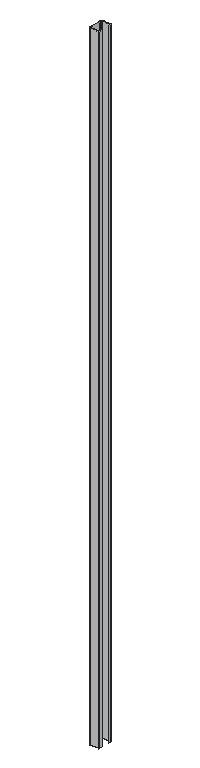
Revit family "SSFSA-STUD-EQD", category Structural Columns, Revit 2026
Family settings
  Section Shape = Not Defined
  Material for Model Behavior = Other
  Always export as geometry = No
  Beam cutback in plan = From bounding box
  Classification Number = 23.25.30.11.14.11
  Cut with Voids When Loaded = No
  Symbolic Representation = From Family
  Shared = No
  Show family pre-cut in plan views = Yes
Parameters
  t = 0.031"
  r = 0.078"
  l = 0.500"
  f = 1.625"
  d = 2.500"
Reference planes (in)
  plane 1 "Center (Front/Back)": y = 0
  plane 2: z = 0
  plane 3 "Center (Left/Right)": x = 0
  plane 4 "Right": x = 1.625
  plane 5 "Back": y = 1.25
  plane 6 "Front": y = -1.25
  plane 7: y = 1.219
  plane 8: y = -1.219
  plane 9: y = -0.75
  plane 10: y = 0.75
  plane 11: y = 1.141
  plane 12: y = -1.141
  plane 13: x = 0.031
  plane 14: x = 0.109
  plane 15: x = 1.594
  plane 16: x = 1.516
  plane 17: y = -0.872
  plane 18: y = -0.79
  plane 19: y = 0.872
  plane 20: y = 0.79
  plane 21: x = 0.05
  plane 22: x = 0.081
Forms (in)
  Sweep 1, solid
    path origin (0, 0, 0) x (1, 0, 0) y (0, 0, 1)
      loop
        line (1.625, 108) -> (1.625, 0)
    profile origin (1.625, 0, 54) x (0, -1, 0) y (1, 0, 0)
      loop
        line (-1.219, -1.516) -> (-1.219, -0.109)
        arc (-1.219, -0.109) -> (-1.19615, -0.05385) -> (-1.141, -0.031) r 0.078
        line (-1.141, -0.031) -> (-0.75, -0.031) -> (-0.75, 0) -> (-1.141, 0)
        arc (-1.141, 0) -> (-1.21807, -0.03193) -> (-1.25, -0.109) r 0.109
        line (-1.25, -0.109) -> (-1.25, -1.516)
        arc (-1.25, -1.516) -> (-1.21807, -1.59307) -> (-1.141, -1.625) r 0.109
        line (-1.141, -1.625) -> (-0.872, -1.625) -> (-0.79, -1.575) -> (0.79, -1.575) -> (0.872, -1.625) -> (1.141, -1.625)
        arc (1.141, -1.625) -> (1.21807, -1.59307) -> (1.25, -1.516) r 0.109
        line (1.25, -1.516) -> (1.25, -0.109)
        arc (1.25, -0.109) -> (1.21807, -0.03193) -> (1.141, 0) r 0.109
        line (1.141, 0) -> (0.75, 0) -> (0.75, -0.031) -> (1.141, -0.031)
        arc (1.141, -0.031) -> (1.19615, -0.05385) -> (1.219, -0.109) r 0.078
        line (1.219, -0.109) -> (1.219, -1.516)
        arc (1.219, -1.516) -> (1.19615, -1.57115) -> (1.141, -1.594) r 0.078
        line (1.141, -1.594) -> (0.872, -1.594) -> (0.79, -1.544) -> (-0.79, -1.544) -> (-0.872, -1.594) -> (-1.141, -1.594)
        arc (-1.141, -1.594) -> (-1.19615, -1.57115) -> (-1.219, -1.516) r 0.078
Lines and regions (in)
  model lines
    curve 1: line (0.109, 1.25, 0) -> (1.516, 1.25, 0)
    curve 2: line (1.594, 0.75, 0) -> (1.625, 0.75, 0)
    curve 3: line (1.625, 0.75, 0) -> (1.625, 1.141, 0)
    curve 4: line (1.625, -1.141, 0) -> (1.625, -0.75, 0)
    curve 5: line (1.625, -0.75, 0) -> (1.594, -0.75, 0)
    curve 6: line (0.109, -1.25, 0) -> (1.516, -1.25, 0)
    curve 7: line (0, 1.141, 0) -> (0, 0.872, 0)
    curve 8: line (0.109, -1.219, 0) -> (1.516, -1.219, 0)
    curve 9: line (0.031, 1.141, 0) -> (0.031, 0.872, 0)
    curve 10: arc (0.109, 1.25, 0) -> (0.03193, 1.21807, 0) -> (0, 1.141, 0) r 0.109
    curve 11: arc (0.109, 1.219, 0) -> (0.05385, 1.19615, 0) -> (0.031, 1.141, 0) r 0.078
    curve 12: arc (1.516, 1.25, 0) -> (1.59307, 1.21807, 0) -> (1.625, 1.141, 0) r 0.109
    curve 13: arc (0.109, -1.25, 0) -> (0.03193, -1.21807, 0) -> (0, -1.141, 0) r 0.109
    curve 14: arc (0.109, -1.219, 0) -> (0.05385, -1.19615, 0) -> (0.031, -1.141, 0) r 0.078
    curve 15: arc (1.516, -1.25, 0) -> (1.59307, -1.21807, 0) -> (1.625, -1.141, 0) r 0.109
    curve 16: line (1.594, 0.75, 0) -> (1.594, 1.141, 0)
    curve 17: line (0.109, 1.219, 0) -> (1.516, 1.219, 0)
    curve 18: arc (1.594, 1.141, 0) -> (1.57115, 1.19615, 0) -> (1.516, 1.219, 0) r 0.078
    curve 19: line (1.594, -1.141, 0) -> (1.594, -0.75, 0)
    curve 20: arc (1.594, -1.141, 0) -> (1.57115, -1.19615, 0) -> (1.516, -1.219, 0) r 0.078
    curve 21: line (0.05, 0.79, 0) -> (0.05, -0.79, 0)
    curve 22: line (0.081, 0.79, 0) -> (0.081, -0.79, 0)
    curve 23: line (0, -0.872, 0) -> (0.05, -0.79, 0)
    curve 24: line (0.031, -1.141, 0) -> (0.031, -0.872, 0)
    curve 25: line (0, -1.141, 0) -> (0, -0.872, 0)
    curve 26: line (0, 0.872, 0) -> (0.05, 0.79, 0)
    curve 27: line (0.031, 0.872, 0) -> (0.081, 0.79, 0)
    curve 28: line (0.031, -0.872, 0) -> (0.081, -0.79, 0)
Dimensions and locks (in)
  plane 3 "Center (Left/Right)" to plane 4 "Right" = 1.625"
  equal spacing: plane 6 "Front", plane 1 "Center (Front/Back)", plane 5 "Back"
  "d": plane 6 "Front" to plane 5 "Back"
  "t": plane 7 to plane 5 "Back"
  "r": plane 11 to plane 7
  "t": plane 6 "Front" to plane 8
  "r": plane 8 to plane 12
  "l": plane 6 "Front" to plane 9
  "l": plane 10 to plane 5 "Back"
  "r": plane 13 to plane 14
  "t": plane 4 "Right" to plane 15
  "r": plane 15 to plane 16
  "t": plane 3 "Center (Left/Right)" to plane 13
  "f": plane 3 "Center (Left/Right)" to plane 4 "Right"
  locked: plane 6 "Front" to plane 17 at 0.378
  locked: plane 6 "Front" to plane 18 at 0.46
  locked: plane 5 "Back" to plane 19 at 0.378
  locked: plane 5 "Back" to plane 20 at 0.46
  locked: plane 3 "Center (Left/Right)" to plane 21 at 0.05
  "t": plane 21 to plane 22
  aligned and locked: level to plane 2
  aligned and locked: Sweep 1 sketch curve to curve 12
  aligned and locked: Sweep 1 sketch curve to curve 18
  aligned and locked: Sweep 1 sketch curve to curve 16
  aligned and locked: Sweep 1 sketch curve to curve 2
  aligned and locked: Sweep 1 sketch curve to curve 3
  aligned and locked: Sweep 1 sketch curve to curve 11
  aligned and locked: Sweep 1 sketch curve to curve 10
  aligned and locked: Sweep 1 sketch curve to curve 26
  aligned and locked: Sweep 1 sketch curve to curve 27
  aligned and locked: Sweep 1 sketch curve to curve 21
  aligned and locked: Sweep 1 sketch curve to curve 22
  aligned and locked: Sweep 1 sketch curve to curve 23
  aligned and locked: Sweep 1 sketch curve to curve 28
  aligned and locked: Sweep 1 sketch curve to curve 14
  aligned and locked: Sweep 1 sketch curve to curve 13
  aligned and locked: Sweep 1 sketch curve to curve 20
  aligned and locked: Sweep 1 sketch curve to curve 15
  aligned and locked: Sweep 1 sketch curve to curve 5
Automatic sketch dimensions
  curve 10 to curve 11 = 0.000"  (x2)
  curve 12 to curve 18 = 0.000"  (x2)
  curve 13 to curve 14 = 0.000"  (x2)
  curve 15 to curve 20 = 0.000"  (x2)
  curve 7 to plane 3 "Center (Left/Right)" = 0.000"
  curve 23 to plane 3 "Center (Left/Right)" = 0.000"
  plane 12 to curve 24 = 0.000"
  curve 9 to plane 13 = 0.000"
  curve 28 to plane 13 = 0.000"
  curve 26 to plane 20 = 0.000"
  curve 26 to plane 21 = 0.000"
  curve 28 to plane 22 = 0.000"
  curve 27 to plane 20 = 0.000"
  plane 5 "Back" to curve 1 = 0.000"
  curve 1 to plane 14 = 0.000"
  curve 13 to plane 14 = 0.000"
  curve 6 to plane 16 = 0.000"
  curve 1 to plane 16 = 0.000"
  plane 12 to curve 20 = 0.000"
  plane 11 to curve 18 = 0.000"
  plane 17 to curve 23 = 0.000"
  plane 17 to curve 24 = 0.000"
  plane 18 to curve 23 = 0.000"
  plane 18 to curve 22 = 0.000"
  plane 9 to curve 4 = 0.000"
  plane 10 to curve 2 = 0.000"
  curve 7 to plane 19 = 0.000"
  curve 9 to plane 19 = 0.000"
  Sweep 1 sketch curve to level = 0.000"  (x2)
  plane 4 "Right" to Sweep 1 sketch curve = 0.000"
